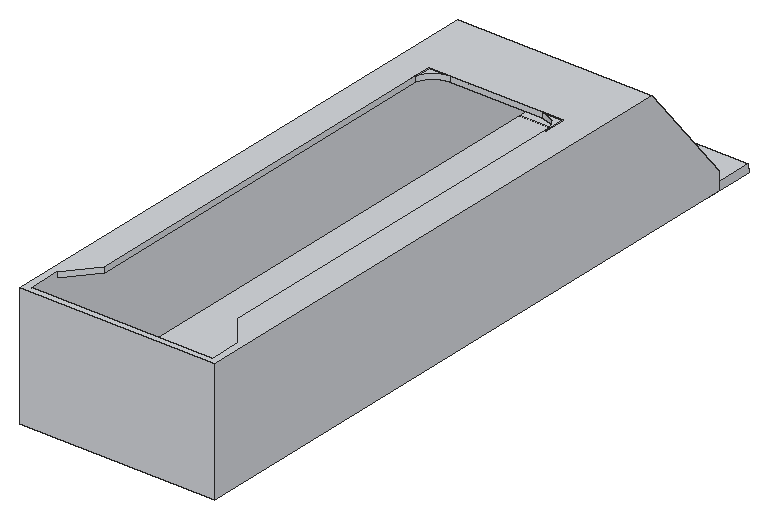
Revit family "WH1181-1", category Mechanical Equipment, host Face, Revit 2016
Family settings
  Host = Face
  Part Type = Normal
  Round Connector Dimension = Use Diameter
  OmniClass Number = 23.65.70.11.11
  OmniClass Title = Fixtures for Liquids
  Cut with Voids When Loaded = No
  Shared = Yes
  Room Calculation Point = No
Parameters (values of type "WH1181-1")
  Waste Connection = no
  OVERALL SIZE WIDTH = 4
  Voltage = 0
  Vent Connection = no
  URL = "http://www.whitehallmfg.com"
  Type Comments = ""
  Tempered Water Connection = no
  Revised Date = "07/25/19"
  Phone# = "(800) 782-7706"
  Model = "WH1181-1"
  Material = Stainless Steel
  Manufacturer = "WHITEHALL"
  OVERALL SIZE HEIGHT = 13.75
  HW Connection = no
  Designed By = "ACORN BIM DESIGN TEAM"
  Description = "Ligature Resistant C-Fold Paper Holder - Single Bay (White)"
  Default Elevation = 48.000"
  OVERALL DEPTH = 2.5
  CW Connection = no
  Assembly Code = ""
  Amperage = 0
  WH1181-1  - Ligature Resistant C-Fold Paper Holder - Single Bay (White) = yes
Reference planes (in)
  plane 1 "Center (Front/Back)": y = 5.8968
  plane 2: z = 0
  plane 3 "Center (Left/Right)": x = 0
  plane 4: z = -7.625
  plane 5: x = -2
  plane 6: x = 2
  plane 7: y = 12.3968
  plane 8: y = -0.6032
  plane 9 "mid shelf": y = 5.5218
  plane 10: y = 13.1468
  plane 11: x = 1.375
  plane 12: x = -1.375
  plane 13: z = 2.5
Forms (in)
  Extrusion 1, solid
    sketch origin (7.25, 0, 0) x (1, 0, 0) y (0, 1, 0)
      loop
        line (-9.25, 12.3968) -> (-9.25, -0.6032) -> (-5.25, -0.6032) -> (-5.25, 12.3968) -> (-9.25, 12.3968)
    from 0 to 2.5
  Extrusion 2, void
    sketch origin (-1.68976, 0, 0) x (0, 0, -1) y (0, 1, 0)
      loop
        line (-2.5, 12.3968) -> (-2.5, 10.66056) -> (-0.35593, 12.3968) -> (-2.5, 12.3968)
    from -0.31024 to 3.68976
  Extrusion 3, void
    sketch origin (-1.661, 0, 0) x (0, 0, -1) y (0, 1, 0)
      loop
        line (-2.39233, -0.4782) -> (-0.1575, -0.4782) -> (-0.1575, 12.41149) -> (-2.39233, 10.64633) -> (-2.39233, -0.4782)
    from -0.20322 to 3.53705
  Extrusion 4, solid
    sketch origin (-1.68976, 0, 0) x (0, 0, -1) y (0, 1, 0)
      loop
        line (0, 13.1468) -> (-0.1575, 13.1468) -> (-0.1575, 12.09134) -> (0, 12.09134) -> (0, 13.1468)
    from -0.31024 to 3.68976
  Extrusion 5, void
    sketch origin (-1.68976, 0, 0) x (0, 0, -1) y (0, 1, 0)
      loop
        line (-0.1575, 12.3354) -> (-2.39233, 10.57023) -> (-2.39233, 9.1468) -> (-2.5, 9.1468) -> (-2.5, -0.4782) -> (-0.1575, -0.4782) -> (-0.1575, 12.3354)
    from 0.31476 to 3.06476
  Extrusion 6, void
    sketch origin (0, 0, 0) x (1, 0, 0) y (0, 1, 0)
      loop
        line (-1.375, -0.4782) -> (-1.375, 0.78189) -> (-1.86422, 0.16827) -> (-1.86422, -0.4782) -> (-1.375, -0.4782)
    from 2.5 to 2.37618
  Extrusion 7, void
    sketch origin (0, 0, 0) x (-1, 0, 0) y (0, -1, 0)
      loop
        line (-1.375, 0.4782) -> (-1.86422, 0.4782) -> (-1.86422, -0.16827) -> (-1.375, -0.78189) -> (-1.375, 0.4782)
    from 2.5 to 2.37618
  Extrusion 8, solid
    sketch origin (-0.00554, 0.08513, 0) x (1, 0, 0) y (0, 1, 0)
      loop
        line (-1.375, 9.06167) -> (-1.375, 8.62367)
        arc (-1.375, 8.62367) -> (-1.24671, 8.93338) -> (-0.937, 9.06167) r 0.438
        line (-0.937, 9.06167) -> (-1.375, 9.06167)
    from 2.39233 to 2.5
  Extrusion 9, solid
    sketch origin (0, 0.08513, 0) x (-1, 0, 0) y (0, -1, 0)
      loop
        line (-1.375, -9.06167) -> (-0.937, -9.06167)
        arc (-0.937, -9.06167) -> (-1.24671, -8.93338) -> (-1.375, -8.62367) r 0.438
        line (-1.375, -8.62367) -> (-1.375, -9.06167)
    from 2.39233 to 2.5
Cuts and joins
  Extrusion 2, Extrusion 3, Extrusion 5, Extrusion 6, Extrusion 7 cuts Extrusion 1
Dimensions and locks (in)
  plane 4 to level = 7.625"
  plane 2 to plane 4 = 7.625"
  host sketch curve to host sketch curve = 5.000"
  plane 3 "Center (Left/Right)" to host face = 2.500"
  plane 1 "Center (Front/Back)" to host sketch curve = 8.375"
  equal spacing: plane 5, plane 3 "Center (Left/Right)", plane 6
  plane 5 to plane 6 = 4.000"
  equal spacing: plane 7, plane 1 "Center (Front/Back)", plane 8
  plane 7 to plane 8 = 13.000"
  Extrusion 4 to cut or joined group of Extrusion 1, Extrusion 2, Extrusion 3, Extrusion 5, Extrusion 6, Extrusion 7 = 13.750"
  plane 9 "mid shelf" to plane 8 = 6.125"
  Extrusion 3 sketch curve to cut or joined group of Extrusion 1, Extrusion 2, Extrusion 3, Extrusion 5, Extrusion 6, Extrusion 7 = 0.125"
  plane 11 to plane 6 = 0.625"
  plane 5 to plane 12 = 0.625"
  cut or joined group of Extrusion 1, Extrusion 2, Extrusion 3, Extrusion 5, Extrusion 6, Extrusion 7 to cut or joined group of Extrusion 1, Extrusion 2, Extrusion 3, Extrusion 5, Extrusion 6, Extrusion 7 = 9.750"
  cut or joined group of Extrusion 1, Extrusion 2, Extrusion 3, Extrusion 5, Extrusion 6, Extrusion 7 to plane 8 = 11.26376"
  plane 13 to level = 2.500"  (x2)
  angle Extrusion 2 sketch curve to Extrusion 2 sketch curve = 51.00°
  angle cut or joined group of Extrusion 1, Extrusion 2, Extrusion 3, Extrusion 5, Extrusion 6, Extrusion 7 to cut or joined group of Extrusion 1, Extrusion 2, Extrusion 3, Extrusion 5, Extrusion 6, Extrusion 7 = 51.00°
  aligned and locked: plane 2 to host face
  aligned and locked: level to host face
  aligned and locked: Extrusion 2 to plane 5
  aligned and locked: plane 6 to Extrusion 2
  aligned and locked: Extrusion 1 to plane 5
  aligned and locked: plane 6 to Extrusion 1
  aligned and locked: Extrusion 4 to plane 5
  aligned and locked: plane 6 to Extrusion 4
  aligned and locked: plane 11 to Extrusion 5
  aligned and locked: Extrusion 5 to plane 12
  aligned and locked: Extrusion 1 to Extrusion 2
  aligned and locked: Extrusion 6 sketch curve to cut or joined group of Extrusion 1, Extrusion 2, Extrusion 3, Extrusion 5, Extrusion 6, Extrusion 7
  aligned and locked: Extrusion 6 sketch curve to plane 12
Automatic sketch dimensions
  host sketch curve to host sketch curve = 14.875"
  Extrusion 1 sketch curve to plane 5 = 0.000"
  Extrusion 1 sketch curve to plane 6 = 0.000"
  Extrusion 1 sketch curve to plane 8 = 0.000"
  Extrusion 1 sketch curve to plane 7 = 0.000"
  Extrusion 2 sketch curve to plane 7 = 0.000"
  Extrusion 2 sketch curve to plane 13 = 0.000"
  level to Extrusion 2 sketch curve = 0.35593"
  Extrusion 3 sketch curve to plane 13 = 0.10767"
  plane 7 to Extrusion 3 sketch curve = 0.0147"
  level to Extrusion 3 sketch curve = 0.1575"
  Extrusion 3 sketch curve to plane 7 = 1.75047"
  Extrusion 4 sketch curve to plane 10 = 0.000"
  Extrusion 4 sketch curve to level = 0.000"
  level to Extrusion 4 sketch curve = 0.1575"
  Extrusion 4 sketch curve to plane 7 = 0.30546"
  plane 8 to Extrusion 6 sketch curve = 0.125"
  Extrusion 6 sketch curve to Extrusion 6 sketch curve = 0.64647"
  Extrusion 6 sketch curve to Extrusion 6 sketch curve = 0.61362"
  Extrusion 7 sketch curve to plane 11 = 0.000"
  plane 6 to Extrusion 7 sketch curve = 0.13578"
  Extrusion 7 sketch curve to plane 8 = 0.125"
  Extrusion 7 sketch curve to Extrusion 7 sketch curve = 0.64647"
  Extrusion 7 sketch curve to Extrusion 7 sketch curve = 0.61362"
  Extrusion 8 sketch curve to plane 12 = 0.00554"
  plane 12 to Extrusion 8 sketch curve = 0.43246"
  Extrusion 8 sketch curve to plane 1 "Center (Front/Back)" = 2.812"
  Extrusion 9 sketch curve to plane 11 = 0.000"
  plane 11 to Extrusion 9 sketch curve = 0.438"
  plane 1 "Center (Front/Back)" to Extrusion 9 sketch curve = 2.812"
  Extrusion 5 sketch curve to plane 13 = 0.000"
  Extrusion 5 sketch curve to plane 13 = 0.10767"
  Extrusion 5 sketch curve to plane 7 = 0.0614"
  level to Extrusion 5 sketch curve = 0.1575"
  Extrusion 5 sketch curve to plane 7 = 1.82657"
  Extrusion 5 sketch curve to Extrusion 5 sketch curve = 1.42343"
  plane 8 to Extrusion 5 sketch curve = 0.125"
